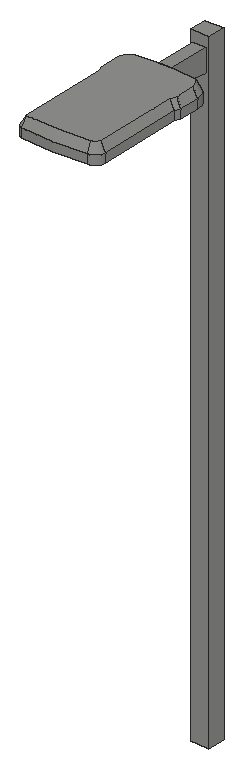
Revit family "VP-3-A", category Lighting Fixtures, host Face, Revit 2019 (continued)
Definition of nested family "SIZE3"
  Forms (in)
    Extrusion 49, solid, material <- "Fixture"
      sketch origin (0.01562, 0, -2.25547) x (-1, 0, 0) y (0, -1, 0)
        loop
          line (5.93193, 1) -> (6.805, 1) -> (6.805, 1.73219) -> (6.38107, 1.73219)
          arc (6.38107, 1.73219) -> (6.34664, 1.72455) -> (6.31867, 1.70309) r 0.08147
          line (6.31867, 1.70309) -> (5.95811, 1.27339)
          arc (5.95811, 1.27339) -> (5.93867, 1.23973) -> (5.93193, 1.20146) r 0.1119
          line (5.93193, 1.20146) -> (5.93193, 1)
      from 18.55 to 18.65
    Extrusion 50, void
      sketch origin (0, 0, 3.625) x (1, 0, 0) y (0, 0, 1)
        loop
          line (-6.94707, 10.26622) -> (-6.94707, 9.26622)
          arc (-6.94707, 9.26622) -> (-0.07108, 7.88597) -> (6.815, 9.21501) r 18.15382
          line (6.815, 9.21501) -> (6.815, 10.21501)
          arc (6.815, 10.21501) -> (-0.07108, 8.88597) -> (-6.94707, 10.26622) r 18.15382
        loop
          line (-6.85535, 8.24972) -> (-6.85535, 7.97854)
          arc (-6.85535, 7.97854) -> (-0.06712, 6.63595) -> (6.73035, 7.93095) r 18.15382
          line (6.73035, 7.93095) -> (6.73035, 8.20243)
          arc (6.73035, 8.20243) -> (-0.06706, 6.91477) -> (-6.85535, 8.24972) r 18.25
        loop
          line (-6.85535, 7.49972) -> (-6.85535, 7.22854)
          arc (-6.85535, 7.22854) -> (-0.06712, 5.88595) -> (6.73035, 7.18095) r 18.15382
          line (6.73035, 7.18095) -> (6.73035, 7.45243)
          arc (6.73035, 7.45243) -> (-0.06706, 6.16477) -> (-6.85535, 7.49972) r 18.25
      from 1 to 1.75
    Blend 51, solid, material <- "Fixture"
      base sketch origin (0, 0, 0) x (1, 0, 0) y (0, 0, 1)
        loop
          arc (-6.75192, 33.95884) -> (-7.48558, 33.52919) -> (-7.77472, 32.72966) r 1.25
          line (-7.77472, 32.72966) -> (-7.77472, 15.72202) -> (-8.18, 14.67799) -> (-8.18, 10.64521)
          arc (-8.18, 10.64521) -> (-7.52407, 8.68733) -> (-5.82104, 7.51974) r 3.25
          arc (-5.82104, 7.51974) -> (-2.92086, 7.15165) -> (0, 7.02866) r 34.74571
          arc (0, 7.02866) -> (2.92086, 7.15165) -> (5.82104, 7.51974) r 34.74571
          arc (5.82104, 7.51974) -> (7.52407, 8.68733) -> (8.18, 10.64521) r 3.25
          line (8.18, 10.64521) -> (8.18, 14.67799) -> (7.7425, 15.80502) -> (7.7425, 32.05879)
          arc (7.7425, 32.05879) -> (7.16964, 33.45997) -> (5.77922, 34.05846) r 2
          arc (5.77922, 34.05846) -> (-0.48981, 34.44343) -> (-6.75192, 33.95884) r 45.36519
      top sketch origin (0, 0, 0) x (1, 0, 0) y (0, 0, 1)
        loop
          arc (5.71398, 33.05839) -> (-0.43659, 33.4438) -> (-6.58122, 32.97319) r 44.36519
          arc (-6.58122, 32.97319) -> (-6.72046, 32.88519) -> (-6.77472, 32.72966) r 0.25
          line (-6.77472, 32.72966) -> (-6.77472, 15.53474) -> (-7.18, 14.49071) -> (-7.18, 10.64521)
          arc (-7.18, 10.64521) -> (-6.74089, 9.30985) -> (-5.59495, 8.49571) r 2.25
          arc (-5.59495, 8.49571) -> (-2.89422, 8.15301) -> (-0.17465, 8.02912) r 33.74571
          arc (-0.17465, 8.02912) -> (2.72017, 8.13848) -> (5.59495, 8.49571) r 33.74571
          arc (5.59495, 8.49571) -> (6.74089, 9.30985) -> (7.18, 10.64521) r 2.25
          line (7.18, 10.64521) -> (7.18, 14.49071) -> (6.7425, 15.61774) -> (6.7425, 32.05879)
          arc (6.7425, 32.05879) -> (6.43945, 32.77591) -> (5.71398, 33.05839) r 1
      from 0 to -1.74
  Cuts and joins
    Extrusion 4, Extrusion 50 cuts Extrusion 2
    Extrusion 4, Extrusion 50 cuts Extrusion 3
    joined: Extrusion 2, Extrusion 3
  Dimensions and locks (in)
    equal spacing: plane 4, plane 3 "Center (Left/Right)", plane 5
    "Width": plane 4 to plane 5
    "Length": plane 7 to plane 6
    "Mount Length": plane 6 to plane 2
    aligned and locked: plane 2 to Extrusion 1
    aligned and locked: level to Extrusion 1
    aligned and locked: plane 1 "Center (Front/Back)" to Blend 51
  Automatic sketch dimensions
    Extrusion 1 sketch curve to Extrusion 1 sketch curve = 96.00"  (x2)
    Extrusion 2 sketch curve to plane 3 "Center (Left/Right)" = 0.00"
    Extrusion 2 sketch curve to plane 3 "Center (Left/Right)" = 0.12919"
    plane 5 to Extrusion 2 sketch curve = 3.125"
    plane 5 to Extrusion 2 sketch curve = 1.53028"
    plane 5 to Extrusion 2 sketch curve = 0.28028"
    Extrusion 2 sketch curve to plane 5 = 0.125"
    Extrusion 2 sketch curve to plane 4 = 3.125"
    Extrusion 2 sketch curve to plane 4 = 2.3125"
    Extrusion 2 sketch curve to plane 4 = 0.3125"
    plane 4 to Extrusion 2 sketch curve = 0.125"
    Extrusion 2 sketch curve to level = 10.92033"
    plane 6 to Extrusion 2 sketch curve = 3.14521"
    Extrusion 2 sketch curve to Extrusion 2 sketch curve = 0.00"
    Extrusion 2 sketch curve to Extrusion 2 sketch curve = 4.03278"  (x2)
    Extrusion 2 sketch curve to Extrusion 2 sketch curve = 1.04403"
    Extrusion 2 sketch curve to Extrusion 2 sketch curve = 1.12703"
    Extrusion 2 sketch curve to plane 7 = 2.41121"
    Extrusion 2 sketch curve to Extrusion 2 sketch curve = 0.67087"
    plane 7 to Extrusion 2 sketch curve = 7.30438"
    plane 6 to Extrusion 2 sketch curve = 0.01974"
    Extrusion 2 sketch curve to plane 7 = 0.51116"
    Extrusion 3 sketch curve to plane 9 = 0.00"
    Extrusion 3 sketch curve to plane 8 = 0.1127"
    plane 8 to Extrusion 3 sketch curve = 1.12955"
    Extrusion 3 sketch curve to level = 1.406"
    plane 6 to Extrusion 3 sketch curve = 0.63918"
    plane 5 to Extrusion 4 sketch curve = 1.27892"
    plane 3 "Center (Left/Right)" to Extrusion 4 sketch curve = 0.06506"
    Extrusion 4 sketch curve to plane 4 = 1.125"
    Extrusion 4 sketch curve to level = 39.4018"
    plane 6 to Extrusion 4 sketch curve = 7.63674"
    Extrusion 4 sketch curve to plane 7 = 2.31818"
    plane 5 to Extrusion 5 sketch curve = 2.15013"
    Extrusion 5 sketch curve to Extrusion 5 sketch curve = 0.35"  (x3)
    Extrusion 5 sketch curve to plane 4 = 2.50013"  (x2)
    Extrusion 5 sketch curve to plane 7 = 7.81818"
    Extrusion 5 sketch curve to plane 7 = 2.66818"
    plane 5 to Extrusion 6 sketch curve = 3.08171"
    Extrusion 6 sketch curve to Extrusion 6 sketch curve = 0.00"  (x61)
    Extrusion 6 sketch curve to Extrusion 6 sketch curve = 0.51875"  (x27)
    Extrusion 6 sketch curve to plane 7 = 7.01806"
    Extrusion 6 sketch curve to Extrusion 6 sketch curve = 0.50"  (x72)
    plane 5 to Extrusion 7 sketch curve = 2.39345"
    Extrusion 7 sketch curve to Extrusion 7 sketch curve = 0.25"  (x3)
    Extrusion 7 sketch curve to plane 3 "Center (Left/Right)" = 0.54655"  (x2)
    Extrusion 7 sketch curve to plane 7 = 7.5141"
    Extrusion 7 sketch curve to plane 7 = 2.7641"
    Extrusion 8 sketch curve to plane 4 = 1.99807"
    Extrusion 8 sketch curve to plane 8 = 0.46661"
    Extrusion 8 sketch curve to Extrusion 8 sketch curve = 0.02618"
    Extrusion 8 sketch curve to Extrusion 8 sketch curve = 0.1119"
    Extrusion 8 sketch curve to plane 8 = 0.03691"
    Extrusion 8 sketch curve to Extrusion 8 sketch curve = 0.36056"
    Extrusion 8 sketch curve to plane 8 = 0.00781"
    Extrusion 8 sketch curve to Extrusion 8 sketch curve = 0.06241"
    Extrusion 8 sketch curve to Extrusion 8 sketch curve = 0.42393"
    Extrusion 8 sketch curve to Extrusion 8 sketch curve = 0.73219"
    plane 4 to Extrusion 9 sketch curve = 3.08171"
    Extrusion 9 sketch curve to Extrusion 9 sketch curve = 0.00"  (x61)
    Extrusion 9 sketch curve to Extrusion 9 sketch curve = 0.51875"  (x27)
    plane 7 to Extrusion 9 sketch curve = 7.01806"
    Extrusion 9 sketch curve to Extrusion 9 sketch curve = 0.50"  (x72)
    plane 4 to Extrusion 10 sketch curve = 2.39345"
    Extrusion 10 sketch curve to Extrusion 10 sketch curve = 0.25"  (x3)
    Extrusion 10 sketch curve to plane 3 "Center (Left/Right)" = 0.54655"  (x2)
    plane 7 to Extrusion 10 sketch curve = 7.5141"
    plane 7 to Extrusion 10 sketch curve = 2.7641"
    plane 5 to Extrusion 11 sketch curve = 2.15013"
    Extrusion 11 sketch curve to Extrusion 11 sketch curve = 0.35"  (x3)
    Extrusion 11 sketch curve to plane 4 = 2.50013"  (x2)
    Extrusion 11 sketch curve to plane 7 = 13.31818"
    Extrusion 11 sketch curve to Extrusion 11 sketch curve = 4.80"
    plane 5 to Extrusion 12 sketch curve = 3.08171"
    Extrusion 12 sketch curve to Extrusion 12 sketch curve = 0.00"  (x61)
    Extrusion 12 sketch curve to Extrusion 12 sketch curve = 0.51875"  (x27)
    Extrusion 12 sketch curve to plane 7 = 12.51806"
    Extrusion 12 sketch curve to Extrusion 12 sketch curve = 0.50"  (x72)
    plane 5 to Extrusion 13 sketch curve = 2.39345"
    Extrusion 13 sketch curve to Extrusion 13 sketch curve = 0.25"  (x3)
    Extrusion 13 sketch curve to plane 3 "Center (Left/Right)" = 0.54655"  (x2)
    Extrusion 13 sketch curve to plane 7 = 13.0141"
    Extrusion 13 sketch curve to Extrusion 13 sketch curve = 4.50"
    plane 4 to Extrusion 14 sketch curve = 3.08171"
    Extrusion 14 sketch curve to Extrusion 14 sketch curve = 0.00"  (x61)
    Extrusion 14 sketch curve to Extrusion 14 sketch curve = 0.51875"  (x27)
    plane 7 to Extrusion 14 sketch curve = 12.51806"
    Extrusion 14 sketch curve to Extrusion 14 sketch curve = 0.50"  (x72)
    plane 4 to Extrusion 15 sketch curve = 2.39345"
    Extrusion 15 sketch curve to Extrusion 15 sketch curve = 0.25"  (x3)
    Extrusion 15 sketch curve to plane 3 "Center (Left/Right)" = 0.54655"  (x2)
    plane 7 to Extrusion 15 sketch curve = 13.0141"
    Extrusion 15 sketch curve to Extrusion 15 sketch curve = 4.50"
    Extrusion 16 sketch curve to plane 5 = 2.15013"
    Extrusion 16 sketch curve to Extrusion 16 sketch curve = 0.35"  (x3)
    plane 4 to Extrusion 16 sketch curve = 2.50013"  (x2)
    plane 7 to Extrusion 16 sketch curve = 13.31818"
    Extrusion 16 sketch curve to Extrusion 16 sketch curve = 4.80"
    Extrusion 17 sketch curve to plane 5 = 3.08171"
    Extrusion 17 sketch curve to Extrusion 17 sketch curve = 0.00"  (x61)
    Extrusion 17 sketch curve to Extrusion 17 sketch curve = 0.51875"  (x27)
    Extrusion 17 sketch curve to plane 6 = 12.8517"
    Extrusion 17 sketch curve to Extrusion 17 sketch curve = 0.50"  (x72)
    Extrusion 18 sketch curve to plane 5 = 2.39345"
    Extrusion 18 sketch curve to Extrusion 18 sketch curve = 0.25"  (x3)
    plane 3 "Center (Left/Right)" to Extrusion 18 sketch curve = 0.54655"  (x2)
    Extrusion 18 sketch curve to plane 6 = 13.34775"
    Extrusion 18 sketch curve to Extrusion 18 sketch curve = 4.50"
    Extrusion 19 sketch curve to plane 4 = 3.08171"
    Extrusion 19 sketch curve to Extrusion 19 sketch curve = 0.00"  (x61)
    Extrusion 19 sketch curve to Extrusion 19 sketch curve = 0.51875"  (x27)
    plane 6 to Extrusion 19 sketch curve = 12.8517"
    Extrusion 19 sketch curve to Extrusion 19 sketch curve = 0.50"  (x72)
    Extrusion 20 sketch curve to plane 4 = 2.39345"
    Extrusion 20 sketch curve to Extrusion 20 sketch curve = 0.25"  (x3)
    plane 3 "Center (Left/Right)" to Extrusion 20 sketch curve = 0.54655"  (x2)
    plane 6 to Extrusion 20 sketch curve = 13.34775"
    Extrusion 20 sketch curve to Extrusion 20 sketch curve = 4.50"
    Extrusion 21 sketch curve to plane 4 = 1.99807"
    Extrusion 21 sketch curve to plane 8 = 0.46661"
    Extrusion 21 sketch curve to Extrusion 21 sketch curve = 0.02618"
    Extrusion 21 sketch curve to Extrusion 21 sketch curve = 0.1119"
    Extrusion 21 sketch curve to plane 8 = 0.03691"
    Extrusion 21 sketch curve to Extrusion 21 sketch curve = 0.36056"
    Extrusion 21 sketch curve to plane 8 = 0.00781"
    Extrusion 21 sketch curve to Extrusion 21 sketch curve = 0.06241"
    Extrusion 21 sketch curve to Extrusion 21 sketch curve = 0.42393"
    Extrusion 21 sketch curve to Extrusion 21 sketch curve = 0.73219"
    Extrusion 22 sketch curve to plane 4 = 1.99807"
    Extrusion 22 sketch curve to plane 8 = 0.46661"
    Extrusion 22 sketch curve to Extrusion 22 sketch curve = 0.02618"
    Extrusion 22 sketch curve to Extrusion 22 sketch curve = 0.1119"
    Extrusion 22 sketch curve to plane 8 = 0.03691"
    Extrusion 22 sketch curve to Extrusion 22 sketch curve = 0.36056"
    Extrusion 22 sketch curve to plane 8 = 0.00781"
    Extrusion 22 sketch curve to Extrusion 22 sketch curve = 0.06241"
    Extrusion 22 sketch curve to Extrusion 22 sketch curve = 0.42393"
    Extrusion 22 sketch curve to Extrusion 22 sketch curve = 0.73219"
    Extrusion 23 sketch curve to plane 4 = 1.99807"
    Extrusion 23 sketch curve to plane 8 = 0.46661"
    Extrusion 23 sketch curve to Extrusion 23 sketch curve = 0.02618"
    Extrusion 23 sketch curve to Extrusion 23 sketch curve = 0.1119"
    Extrusion 23 sketch curve to plane 8 = 0.03691"
    Extrusion 23 sketch curve to Extrusion 23 sketch curve = 0.36056"
    Extrusion 23 sketch curve to plane 8 = 0.00781"
    Extrusion 23 sketch curve to Extrusion 23 sketch curve = 0.06241"
    Extrusion 23 sketch curve to Extrusion 23 sketch curve = 0.42393"
    Extrusion 23 sketch curve to Extrusion 23 sketch curve = 0.73219"
    Extrusion 24 sketch curve to plane 4 = 1.99807"
    Extrusion 24 sketch curve to plane 8 = 0.46661"
    Extrusion 24 sketch curve to Extrusion 24 sketch curve = 0.02618"
    Extrusion 24 sketch curve to Extrusion 24 sketch curve = 0.1119"
    Extrusion 24 sketch curve to plane 8 = 0.03691"
    Extrusion 24 sketch curve to Extrusion 24 sketch curve = 0.36056"
    Extrusion 24 sketch curve to plane 8 = 0.00781"
    Extrusion 24 sketch curve to Extrusion 24 sketch curve = 0.06241"
    Extrusion 24 sketch curve to Extrusion 24 sketch curve = 0.42393"
    Extrusion 24 sketch curve to Extrusion 24 sketch curve = 0.73219"
    Extrusion 25 sketch curve to plane 4 = 1.99807"
    Extrusion 25 sketch curve to plane 8 = 0.46661"
    Extrusion 25 sketch curve to Extrusion 25 sketch curve = 0.02618"
    Extrusion 25 sketch curve to Extrusion 25 sketch curve = 0.1119"
    Extrusion 25 sketch curve to plane 8 = 0.03691"
    Extrusion 25 sketch curve to Extrusion 25 sketch curve = 0.36056"
    Extrusion 25 sketch curve to plane 8 = 0.00781"
    Extrusion 25 sketch curve to Extrusion 25 sketch curve = 0.06241"
    Extrusion 25 sketch curve to Extrusion 25 sketch curve = 0.42393"
    Extrusion 25 sketch curve to Extrusion 25 sketch curve = 0.73219"
    Extrusion 26 sketch curve to plane 4 = 1.99807"
    Extrusion 26 sketch curve to plane 8 = 0.46661"
    Extrusion 26 sketch curve to Extrusion 26 sketch curve = 0.02618"
    Extrusion 26 sketch curve to Extrusion 26 sketch curve = 0.1119"
    Extrusion 26 sketch curve to plane 8 = 0.03691"
    Extrusion 26 sketch curve to Extrusion 26 sketch curve = 0.36056"
    Extrusion 26 sketch curve to plane 8 = 0.00781"
    Extrusion 26 sketch curve to Extrusion 26 sketch curve = 0.06241"
    Extrusion 26 sketch curve to Extrusion 26 sketch curve = 0.42393"
    Extrusion 26 sketch curve to Extrusion 26 sketch curve = 0.73219"
    Extrusion 27 sketch curve to plane 4 = 1.99807"
    Extrusion 27 sketch curve to plane 8 = 0.46661"
    Extrusion 27 sketch curve to Extrusion 27 sketch curve = 0.02618"
    Extrusion 27 sketch curve to Extrusion 27 sketch curve = 0.1119"
    Extrusion 27 sketch curve to plane 8 = 0.03691"
    Extrusion 27 sketch curve to Extrusion 27 sketch curve = 0.36056"
    Extrusion 27 sketch curve to plane 8 = 0.00781"
    Extrusion 27 sketch curve to Extrusion 27 sketch curve = 0.06241"
    Extrusion 27 sketch curve to Extrusion 27 sketch curve = 0.42393"
    Extrusion 27 sketch curve to Extrusion 27 sketch curve = 0.73219"
    Extrusion 28 sketch curve to plane 4 = 1.99807"
    Extrusion 28 sketch curve to plane 8 = 0.46661"
    Extrusion 28 sketch curve to Extrusion 28 sketch curve = 0.02618"
    Extrusion 28 sketch curve to Extrusion 28 sketch curve = 0.1119"
    Extrusion 28 sketch curve to plane 8 = 0.03691"
    Extrusion 28 sketch curve to Extrusion 28 sketch curve = 0.36056"
    Extrusion 28 sketch curve to plane 8 = 0.00781"
    Extrusion 28 sketch curve to Extrusion 28 sketch curve = 0.06241"
    Extrusion 28 sketch curve to Extrusion 28 sketch curve = 0.42393"
    Extrusion 28 sketch curve to Extrusion 28 sketch curve = 0.73219"
    Extrusion 29 sketch curve to plane 4 = 1.99807"
    Extrusion 29 sketch curve to plane 8 = 0.46661"
    Extrusion 29 sketch curve to Extrusion 29 sketch curve = 0.02618"
    Extrusion 29 sketch curve to Extrusion 29 sketch curve = 0.1119"
    Extrusion 29 sketch curve to plane 8 = 0.03691"
    Extrusion 29 sketch curve to Extrusion 29 sketch curve = 0.36056"
    Extrusion 29 sketch curve to plane 8 = 0.00781"
    Extrusion 29 sketch curve to Extrusion 29 sketch curve = 0.06241"
    Extrusion 29 sketch curve to Extrusion 29 sketch curve = 0.42393"
    Extrusion 29 sketch curve to Extrusion 29 sketch curve = 0.73219"
    Extrusion 30 sketch curve to plane 4 = 1.99807"
    Extrusion 30 sketch curve to plane 8 = 0.46661"
    Extrusion 30 sketch curve to Extrusion 30 sketch curve = 0.02618"
    Extrusion 30 sketch curve to Extrusion 30 sketch curve = 0.1119"
    Extrusion 30 sketch curve to plane 8 = 0.03691"
    Extrusion 30 sketch curve to Extrusion 30 sketch curve = 0.36056"
    Extrusion 30 sketch curve to plane 8 = 0.00781"
    Extrusion 30 sketch curve to Extrusion 30 sketch curve = 0.06241"
    Extrusion 30 sketch curve to Extrusion 30 sketch curve = 0.42393"
    Extrusion 30 sketch curve to Extrusion 30 sketch curve = 0.73219"
    Extrusion 31 sketch curve to plane 4 = 1.99807"
    Extrusion 31 sketch curve to plane 8 = 0.46661"
    Extrusion 31 sketch curve to Extrusion 31 sketch curve = 0.02618"
    Extrusion 31 sketch curve to Extrusion 31 sketch curve = 0.1119"
    Extrusion 31 sketch curve to plane 8 = 0.03691"
    Extrusion 31 sketch curve to Extrusion 31 sketch curve = 0.36056"
    Extrusion 31 sketch curve to plane 8 = 0.00781"
    Extrusion 31 sketch curve to Extrusion 31 sketch curve = 0.06241"
    Extrusion 31 sketch curve to Extrusion 31 sketch curve = 0.42393"
    Extrusion 31 sketch curve to Extrusion 31 sketch curve = 0.73219"
    Extrusion 32 sketch curve to plane 4 = 1.99807"
    Extrusion 32 sketch curve to plane 8 = 0.46661"
    Extrusion 32 sketch curve to Extrusion 32 sketch curve = 0.02618"
    Extrusion 32 sketch curve to Extrusion 32 sketch curve = 0.1119"
    Extrusion 32 sketch curve to plane 8 = 0.03691"
    Extrusion 32 sketch curve to Extrusion 32 sketch curve = 0.36056"
    Extrusion 32 sketch curve to plane 8 = 0.00781"
    Extrusion 32 sketch curve to Extrusion 32 sketch curve = 0.06241"
    Extrusion 32 sketch curve to Extrusion 32 sketch curve = 0.42393"
    Extrusion 32 sketch curve to Extrusion 32 sketch curve = 0.73219"
    Extrusion 33 sketch curve to plane 4 = 1.99807"
    Extrusion 33 sketch curve to plane 8 = 0.46661"
    Extrusion 33 sketch curve to Extrusion 33 sketch curve = 0.02618"
    Extrusion 33 sketch curve to Extrusion 33 sketch curve = 0.1119"
    Extrusion 33 sketch curve to plane 8 = 0.03691"
    Extrusion 33 sketch curve to Extrusion 33 sketch curve = 0.36056"
    Extrusion 33 sketch curve to plane 8 = 0.00781"
    Extrusion 33 sketch curve to Extrusion 33 sketch curve = 0.06241"
    Extrusion 33 sketch curve to Extrusion 33 sketch curve = 0.42393"
    Extrusion 33 sketch curve to Extrusion 33 sketch curve = 0.73219"
    Extrusion 34 sketch curve to plane 4 = 1.99807"
    Extrusion 34 sketch curve to plane 8 = 0.46661"
    Extrusion 34 sketch curve to Extrusion 34 sketch curve = 0.02618"
    Extrusion 34 sketch curve to Extrusion 34 sketch curve = 0.1119"
    Extrusion 34 sketch curve to plane 8 = 0.03691"
    Extrusion 34 sketch curve to Extrusion 34 sketch curve = 0.36056"
    Extrusion 34 sketch curve to plane 8 = 0.00781"
    Extrusion 34 sketch curve to Extrusion 34 sketch curve = 0.06241"
    Extrusion 34 sketch curve to Extrusion 34 sketch curve = 0.42393"
    Extrusion 34 sketch curve to Extrusion 34 sketch curve = 0.73219"
    plane 5 to Extrusion 35 sketch curve = 2.1387"
    Extrusion 35 sketch curve to plane 8 = 0.46661"
    Extrusion 35 sketch curve to Extrusion 35 sketch curve = 0.02618"
    Extrusion 35 sketch curve to Extrusion 35 sketch curve = 0.1119"
    Extrusion 35 sketch curve to plane 8 = 0.03691"
    Extrusion 35 sketch curve to Extrusion 35 sketch curve = 0.36056"
    Extrusion 35 sketch curve to plane 8 = 0.00781"
    Extrusion 35 sketch curve to Extrusion 35 sketch curve = 0.06241"
    Extrusion 35 sketch curve to Extrusion 35 sketch curve = 0.42393"
    Extrusion 35 sketch curve to Extrusion 35 sketch curve = 0.20146"
    plane 5 to Extrusion 36 sketch curve = 2.1387"
    Extrusion 36 sketch curve to plane 8 = 0.46661"
    Extrusion 36 sketch curve to Extrusion 36 sketch curve = 0.02618"
    Extrusion 36 sketch curve to Extrusion 36 sketch curve = 0.1119"
    Extrusion 36 sketch curve to plane 8 = 0.03691"
    Extrusion 36 sketch curve to Extrusion 36 sketch curve = 0.36056"
    Extrusion 36 sketch curve to plane 8 = 0.00781"
    Extrusion 36 sketch curve to Extrusion 36 sketch curve = 0.06241"
    Extrusion 36 sketch curve to Extrusion 36 sketch curve = 0.42393"
    Extrusion 36 sketch curve to Extrusion 36 sketch curve = 0.20146"
    plane 5 to Extrusion 37 sketch curve = 2.1387"
    Extrusion 37 sketch curve to plane 8 = 0.46661"
    Extrusion 37 sketch curve to Extrusion 37 sketch curve = 0.02618"
    Extrusion 37 sketch curve to Extrusion 37 sketch curve = 0.1119"
    Extrusion 37 sketch curve to plane 8 = 0.03691"
    Extrusion 37 sketch curve to Extrusion 37 sketch curve = 0.36056"
    Extrusion 37 sketch curve to plane 8 = 0.00781"
    Extrusion 37 sketch curve to Extrusion 37 sketch curve = 0.06241"
    Extrusion 37 sketch curve to Extrusion 37 sketch curve = 0.42393"
    Extrusion 37 sketch curve to Extrusion 37 sketch curve = 0.20146"
    plane 5 to Extrusion 38 sketch curve = 2.1387"
    Extrusion 38 sketch curve to plane 8 = 0.46661"
    Extrusion 38 sketch curve to Extrusion 38 sketch curve = 0.02618"
    Extrusion 38 sketch curve to Extrusion 38 sketch curve = 0.1119"
    Extrusion 38 sketch curve to plane 8 = 0.03691"
    Extrusion 38 sketch curve to Extrusion 38 sketch curve = 0.36056"
    Extrusion 38 sketch curve to plane 8 = 0.00781"
    Extrusion 38 sketch curve to Extrusion 38 sketch curve = 0.06241"
    Extrusion 38 sketch curve to Extrusion 38 sketch curve = 0.42393"
    Extrusion 38 sketch curve to Extrusion 38 sketch curve = 0.20146"
    plane 5 to Extrusion 39 sketch curve = 2.1387"
    Extrusion 39 sketch curve to plane 8 = 0.46661"
    Extrusion 39 sketch curve to Extrusion 39 sketch curve = 0.02618"
    Extrusion 39 sketch curve to Extrusion 39 sketch curve = 0.1119"
    Extrusion 39 sketch curve to plane 8 = 0.03691"
    Extrusion 39 sketch curve to Extrusion 39 sketch curve = 0.36056"
    Extrusion 39 sketch curve to plane 8 = 0.00781"
    Extrusion 39 sketch curve to Extrusion 39 sketch curve = 0.06241"
    Extrusion 39 sketch curve to Extrusion 39 sketch curve = 0.42393"
    Extrusion 39 sketch curve to Extrusion 39 sketch curve = 0.20146"
    plane 5 to Extrusion 40 sketch curve = 2.1387"
    Extrusion 40 sketch curve to plane 8 = 0.46661"
    Extrusion 40 sketch curve to Extrusion 40 sketch curve = 0.02618"
    Extrusion 40 sketch curve to Extrusion 40 sketch curve = 0.1119"
    Extrusion 40 sketch curve to plane 8 = 0.03691"
    Extrusion 40 sketch curve to Extrusion 40 sketch curve = 0.36056"
    Extrusion 40 sketch curve to plane 8 = 0.00781"
    Extrusion 40 sketch curve to Extrusion 40 sketch curve = 0.06241"
    Extrusion 40 sketch curve to Extrusion 40 sketch curve = 0.42393"
    Extrusion 40 sketch curve to Extrusion 40 sketch curve = 0.20146"
    plane 5 to Extrusion 41 sketch curve = 2.1387"
    Extrusion 41 sketch curve to plane 8 = 0.46661"
    Extrusion 41 sketch curve to Extrusion 41 sketch curve = 0.02618"
    Extrusion 41 sketch curve to Extrusion 41 sketch curve = 0.1119"
    Extrusion 41 sketch curve to plane 8 = 0.03691"
    Extrusion 41 sketch curve to Extrusion 41 sketch curve = 0.36056"
    Extrusion 41 sketch curve to plane 8 = 0.00781"
    Extrusion 41 sketch curve to Extrusion 41 sketch curve = 0.06241"
    Extrusion 41 sketch curve to Extrusion 41 sketch curve = 0.42393"
    Extrusion 41 sketch curve to Extrusion 41 sketch curve = 0.20146"
    plane 5 to Extrusion 42 sketch curve = 2.1387"
    Extrusion 42 sketch curve to plane 8 = 0.46661"
    Extrusion 42 sketch curve to Extrusion 42 sketch curve = 0.02618"
    Extrusion 42 sketch curve to Extrusion 42 sketch curve = 0.1119"
    Extrusion 42 sketch curve to plane 8 = 0.03691"
    Extrusion 42 sketch curve to Extrusion 42 sketch curve = 0.36056"
    Extrusion 42 sketch curve to plane 8 = 0.00781"
    Extrusion 42 sketch curve to Extrusion 42 sketch curve = 0.06241"
    Extrusion 42 sketch curve to Extrusion 42 sketch curve = 0.42393"
    Extrusion 42 sketch curve to Extrusion 42 sketch curve = 0.20146"
    plane 5 to Extrusion 43 sketch curve = 2.1387"
    Extrusion 43 sketch curve to plane 8 = 0.46661"
    Extrusion 43 sketch curve to Extrusion 43 sketch curve = 0.02618"
    Extrusion 43 sketch curve to Extrusion 43 sketch curve = 0.1119"
    Extrusion 43 sketch curve to plane 8 = 0.03691"
    Extrusion 43 sketch curve to Extrusion 43 sketch curve = 0.36056"
    Extrusion 43 sketch curve to plane 8 = 0.00781"
    Extrusion 43 sketch curve to Extrusion 43 sketch curve = 0.06241"
    Extrusion 43 sketch curve to Extrusion 43 sketch curve = 0.42393"
    Extrusion 43 sketch curve to Extrusion 43 sketch curve = 0.20146"
    plane 5 to Extrusion 44 sketch curve = 2.1387"
    Extrusion 44 sketch curve to plane 8 = 0.46661"
    Extrusion 44 sketch curve to Extrusion 44 sketch curve = 0.02618"
    Extrusion 44 sketch curve to Extrusion 44 sketch curve = 0.1119"
    Extrusion 44 sketch curve to plane 8 = 0.03691"
    Extrusion 44 sketch curve to Extrusion 44 sketch curve = 0.36056"
    Extrusion 44 sketch curve to plane 8 = 0.00781"
    Extrusion 44 sketch curve to Extrusion 44 sketch curve = 0.06241"
    Extrusion 44 sketch curve to Extrusion 44 sketch curve = 0.42393"
    Extrusion 44 sketch curve to Extrusion 44 sketch curve = 0.20146"
    plane 5 to Extrusion 45 sketch curve = 2.1387"
    Extrusion 45 sketch curve to plane 8 = 0.46661"
    Extrusion 45 sketch curve to Extrusion 45 sketch curve = 0.02618"
    Extrusion 45 sketch curve to Extrusion 45 sketch curve = 0.1119"
    Extrusion 45 sketch curve to plane 8 = 0.03691"
    Extrusion 45 sketch curve to Extrusion 45 sketch curve = 0.36056"
    Extrusion 45 sketch curve to plane 8 = 0.00781"
    Extrusion 45 sketch curve to Extrusion 45 sketch curve = 0.06241"
    Extrusion 45 sketch curve to Extrusion 45 sketch curve = 0.42393"
    Extrusion 45 sketch curve to Extrusion 45 sketch curve = 0.20146"
    plane 5 to Extrusion 46 sketch curve = 2.1387"
    Extrusion 46 sketch curve to plane 8 = 0.46661"
    Extrusion 46 sketch curve to Extrusion 46 sketch curve = 0.02618"
    Extrusion 46 sketch curve to Extrusion 46 sketch curve = 0.1119"
    Extrusion 46 sketch curve to plane 8 = 0.03691"
    Extrusion 46 sketch curve to Extrusion 46 sketch curve = 0.36056"
    Extrusion 46 sketch curve to plane 8 = 0.00781"
    Extrusion 46 sketch curve to Extrusion 46 sketch curve = 0.06241"
    Extrusion 46 sketch curve to Extrusion 46 sketch curve = 0.42393"
    Extrusion 46 sketch curve to Extrusion 46 sketch curve = 0.20146"
    plane 5 to Extrusion 47 sketch curve = 2.1387"
    Extrusion 47 sketch curve to plane 8 = 0.46661"
    Extrusion 47 sketch curve to Extrusion 47 sketch curve = 0.02618"
    Extrusion 47 sketch curve to Extrusion 47 sketch curve = 0.1119"
    Extrusion 47 sketch curve to plane 8 = 0.03691"
    Extrusion 47 sketch curve to Extrusion 47 sketch curve = 0.36056"
    Extrusion 47 sketch curve to plane 8 = 0.00781"
    Extrusion 47 sketch curve to Extrusion 47 sketch curve = 0.06241"
    Extrusion 47 sketch curve to Extrusion 47 sketch curve = 0.42393"
    Extrusion 47 sketch curve to Extrusion 47 sketch curve = 0.20146"
    plane 5 to Extrusion 48 sketch curve = 2.1387"
    Extrusion 48 sketch curve to plane 8 = 0.46661"
    Extrusion 48 sketch curve to Extrusion 48 sketch curve = 0.02618"
    Extrusion 48 sketch curve to Extrusion 48 sketch curve = 0.1119"
    Extrusion 48 sketch curve to plane 8 = 0.03691"
    Extrusion 48 sketch curve to Extrusion 48 sketch curve = 0.36056"
    Extrusion 48 sketch curve to plane 8 = 0.00781"
    Extrusion 48 sketch curve to Extrusion 48 sketch curve = 0.06241"
    Extrusion 48 sketch curve to Extrusion 48 sketch curve = 0.42393"
    Extrusion 48 sketch curve to Extrusion 48 sketch curve = 0.20146"
    plane 5 to Extrusion 49 sketch curve = 2.1387"
    Extrusion 49 sketch curve to plane 8 = 0.46661"
    Extrusion 49 sketch curve to Extrusion 49 sketch curve = 0.02618"
    Extrusion 49 sketch curve to Extrusion 49 sketch curve = 0.1119"
    Extrusion 49 sketch curve to plane 8 = 0.03691"
    Extrusion 49 sketch curve to Extrusion 49 sketch curve = 0.36056"
    Extrusion 49 sketch curve to plane 8 = 0.00781"
    Extrusion 49 sketch curve to Extrusion 49 sketch curve = 0.06241"
    Extrusion 49 sketch curve to Extrusion 49 sketch curve = 0.42393"
    Extrusion 49 sketch curve to Extrusion 49 sketch curve = 0.20146"
    plane 5 to Extrusion 50 sketch curve = 1.10793"
    Extrusion 50 sketch curve to Extrusion 50 sketch curve = 0.09172"
    Extrusion 50 sketch curve to Extrusion 50 sketch curve = 0.00"  (x2)
    Extrusion 50 sketch curve to plane 3 "Center (Left/Right)" = 0.00354"  (x6)
    Extrusion 50 sketch curve to plane 4 = 1.32465"
    Extrusion 50 sketch curve to Extrusion 50 sketch curve = 0.08465"
    plane 6 to Extrusion 50 sketch curve = 3.35354"
    level to Extrusion 50 sketch curve = 10.80595"
    Extrusion 50 sketch curve to Extrusion 50 sketch curve = 0.27118"  (x2)
    Extrusion 50 sketch curve to Extrusion 50 sketch curve = 0.27147"  (x2)
    Extrusion 50 sketch curve to Extrusion 50 sketch curve = 0.47882"
    Extrusion 50 sketch curve to Extrusion 50 sketch curve = 0.47853"
    Extrusion 50 sketch curve to Extrusion 50 sketch curve = 1.01649"
    Extrusion 50 sketch curve to Extrusion 50 sketch curve = 1.00"  (x2)
    Extrusion 50 sketch curve to Extrusion 50 sketch curve = 0.875"
    Blend 51 sketch curve to Blend 51 sketch curve = 0.00"  (x3)
    Blend 51 sketch curve to plane 3 "Center (Left/Right)" = 0.00"  (x2)
    Blend 51 sketch curve to plane 3 "Center (Left/Right)" = 0.12919"  (x2)
    plane 5 to Blend 51 sketch curve = 3.125"
    plane 5 to Blend 51 sketch curve = 1.53028"  (x2)
    plane 5 to Blend 51 sketch curve = 0.28028"
    Blend 51 sketch curve to plane 5 = 0.125"
    Blend 51 sketch curve to plane 4 = 3.125"
    Blend 51 sketch curve to plane 4 = 2.3125"  (x2)
    Blend 51 sketch curve to plane 4 = 0.3125"
    plane 4 to Blend 51 sketch curve = 0.125"
    Blend 51 sketch curve to level = 10.92033"  (x2)
    Blend 51 sketch curve to Blend 51 sketch curve = 4.03278"  (x2)
    Blend 51 sketch curve to Blend 51 sketch curve = 1.04403"  (x2)
    Blend 51 sketch curve to Blend 51 sketch curve = 1.12703"  (x2)
    Blend 51 sketch curve to plane 7 = 2.41121"  (x2)
    Blend 51 sketch curve to Blend 51 sketch curve = 0.67087"  (x2)
    Blend 51 sketch curve to plane 7 = 0.51116"
    plane 6 to Blend 51 sketch curve = 3.14521"  (x2)
    plane 6 to Blend 51 sketch curve = 0.01974"  (x2)
    Blend 51 sketch curve to plane 6 = 0.47134"
    Blend 51 sketch curve to Blend 51 sketch curve = 0.25"
    plane 5 to Blend 51 sketch curve = 0.875"
    Blend 51 sketch curve to Blend 51 sketch curve = 1.00"
    Blend 51 sketch curve to plane 4 = 0.875"
    Blend 51 sketch curve to Blend 51 sketch curve = 3.8455"  (x2)
    Blend 51 sketch curve to Blend 51 sketch curve = 0.0565"
    Blend 51 sketch curve to Blend 51 sketch curve = 2.25"  (x2)
    plane 6 to Blend 51 sketch curve = 0.99571"  (x2)
    plane 6 to Blend 51 sketch curve = 0.52912"
    Blend 51 sketch curve to plane 3 "Center (Left/Right)" = 0.17465"
    radius of Extrusion 6 sketch curve = 0.15"  (x81)
    radius of Extrusion 9 sketch curve = 0.15"  (x81)
    radius of Extrusion 12 sketch curve = 0.15"  (x81)
    radius of Extrusion 14 sketch curve = 0.15"  (x81)
    radius of Extrusion 17 sketch curve = 0.15"  (x81)
    radius of Extrusion 19 sketch curve = 0.15"  (x81)
